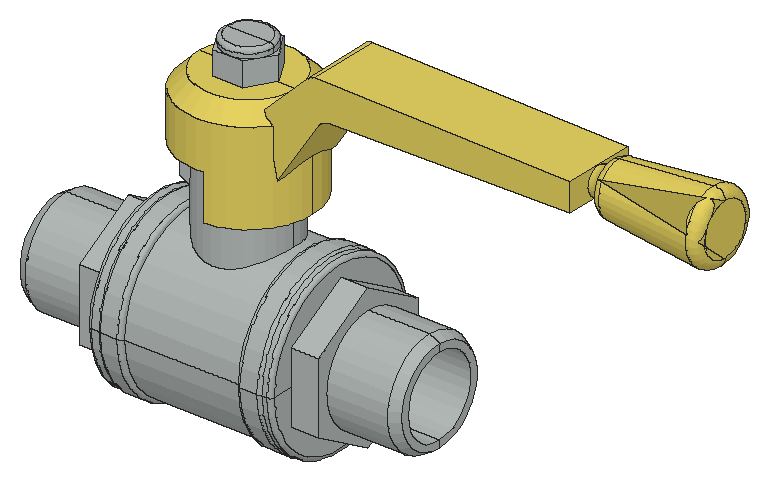
Revit family "QP02700000", category Apparecchi idraulici, Revit 2020
Family settings
  Quota connettore circolare = Usa diametro
  Tipo di parte = Normale
  Numero OmniClass = 23.45.00.00
  Titolo OmniClass = Sanitary, Laundry, and Cleaning Equipment
  Basato su piano di lavoro = No
  Sempre verticale = Sì
  Taglio con vuoti quando caricato = No
  Condiviso = No
  Punto di calcolo locali = No
Parameters
  URL = "https://web.cimberio.com/index.php/figura/171?subcategoria_id=95698"
  Temperatura di esercizio = "-20 ÷ 60°C"
  Prospetto di default = 0 mm
  Produttore = "CIMBERIO SPA"
  Pressione nominale = "MOP 5"
  Modello = "Cim 202G"
  Materiale = "Prodotto in lega di ottone conforme alla norma EN 12165-CW617N-DW"
  Descrizione = "Utilizzato nell’impiantistica distributiva di gas a bassa pressione per le categorie:\r\nGas naturali: gas derivati dal petrolio (Metano) e gas di ricambio.\r\nGas di città: prodotti secondo i diversi procedimenti (Cracking - Cokerie - ecc.).\r\nGas liquidi: propano e miscele di gas propano/butano"
  DN Model [instance] = QP02701020 : QP02701020
  DN [instance] = 20 mm
  Commenti sul tipo = "Realizzato in ottemperanza ai requisiti gestionali della norma EN ISO 9001.\r\nCollaudato al 100% secondo la normativa EN 12266-1"
Reference planes
  plane 1 "Centro (Fronte/Retro)": y = 0
  plane 2: z = 0
  plane 3 "Centro (Sinistra/Destra)": x = 0
Dimensions and locks
  aligned and locked: level to plane 2
Nested families
  nested 1: "QP02701020" at (0, 0, 0), type <- "DN Model", type "QP02701020"
  nested 2: "QP02701020" at (0, 0, 0), type <- "DN Model", type "QP02701020"
  nested 3: "QP02701020" at (0, 0, 0), type <- "DN Model", type "QP02701020"
  nested 4: "QP02701020" at (0, 0, 0), type <- "DN Model", type "QP02701020"
  nested 5: "QP02701020" at (0, 0, 0), type <- "DN Model", type "QP02701020"
  nested 6: "QP02701020" at (0, 0, 0), type <- "DN Model", type "QP02701020"
  nested 7: "QP02701020" at (0, 0, 0), type <- "DN Model", type "QP02701020"
  nested 8: "QP02701020" at (0, 0, 0), type <- "DN Model", type "QP02701020"
Connectors
  piping at (30.1, 0, -1.457), diameter 20, driven by "DN"
    settings: on nested 1, index 1, connector inside diameter 609.6 mm, connector length 0 mm, flow factor 0, pipe flow 0.0 L/s, pressure drop 0.0 Pa, fitting loss kfactor 0, connector angle 0.00°, fixture units 0, engagement length 0 mm, angle of deflection 0.00°, flow configuration 0, flow direction 0, fitting loss method 0, system type 7, joint type 0, gender type 0, connector reference index -1, connector utility 0, adjustable connector no, is connector primary yes, connector description ""
  piping at (-30.1, 0, -1.457), diameter 20, driven by "DN"
    settings: on nested 1, index 2, connector inside diameter 609.6 mm, connector length 0 mm, flow factor 0, pipe flow 0.0 L/s, pressure drop 0.0 Pa, fitting loss kfactor 0, connector angle 0.00°, fixture units 0, engagement length 0 mm, angle of deflection 0.00°, flow configuration 0, flow direction 0, fitting loss method 0, system type 7, joint type 0, gender type 0, connector reference index -1, connector utility 0, adjustable connector no, is connector primary no, connector description ""
Definition of nested family "QP02701020"
  Parameters (values of type "QP02701020")
    Default Elevation = 0 mm
  Reference planes
    plane 1 "Centro (Fronte/Retro)": y = 0
    plane 2: z = 0
    plane 3 "Centro (Sinistra/Destra)": x = 0
  Forms (mm)
    Extrusion 1, solid
      sketch origin (-1.996, 0, 4.955) x (1, 0, 0) y (0, 0, 1)
        loop
          line (-14.004, 28.388) -> (-14.004, 21.625) -> (-11, 19.89) -> (-11, 9.005) -> (-5.604, 9.005) -> (-5.604, 28.388) -> (-14.004, 28.388)
      from 0 to 1.497
    Extrusion 2, solid
      sketch origin (0, 0, 49.8) x (0, 1, 0) y (-1, 0, 0)
        loop
          line (0, -7.499) -> (6.495, -3.75) -> (6.495, 3.75) -> (0, 7.499) -> (-6.495, 3.75) -> (-6.495, -3.75) -> (0, -7.499)
      from 5.543 to 11.543
    Revolve 3, solid
      sketch origin (0, 0, -1.455) x (0, 1, 0) y (-1, 0, 0)
        loop
          line (12.607, 23.1) -> (12.607, -23.1) -> (20.75, -23.1)
          arc (20.75, -23.1) -> (21.457, -22.807) -> (21.75, -22.1) r 1
          line (21.75, -22.1) -> (21.75, -20.735) -> (22, -19.802) -> (22, -15.5)
          arc (22, -15.5) -> (21.707, -14.793) -> (21, -14.5) r 1
          line (21, -14.5) -> (21, 14.5)
          arc (21, 14.5) -> (21.707, 14.793) -> (22, 15.5) r 1
          line (22, 15.5) -> (22, 19.654) -> (21.75, 20.424) -> (21.75, 22.1)
          arc (21.75, 22.1) -> (21.457, 22.807) -> (20.75, 23.1) r 1
          line (20.75, 23.1) -> (12.607, 23.1)
        axis (0, 23.1) -> (0, -23.1)
      angle from 0 to 360
    Revolve 4, solid
      sketch origin (0, 0, 0) x (1, 0, 0) y (0, 0, 1)
        loop
          line (0, 55.343) -> (-12.25, 55.343) -> (-16.25, 51.343) -> (-16.25, 28.343) -> (-10.467, 28.343) -> (-10.467, 45.453) -> (0, 45.453) -> (0, 55.343)
        axis (0, 28.343) -> (0, 55.343)
      angle from 0 to 360
    Extrusion 5, void
      sketch origin (0, 0, 61.343) x (-1, 0, 0) y (0, 1, 0)
        loop
          line (16.068, 0) -> (10.467, 0)
          arc (10.467, 0) -> (6.812, -7.947) -> (-1.6, -10.344) r 10.467
          line (-1.6, -10.344) -> (-1.6, -18.331)
          arc (-1.6, -18.331) -> (13.093, -14.813) -> (16.068, 0) r 14.025
      from 21.5 to 35.795
    Revolve 6, solid
      sketch origin (0, 0, 0) x (1, 0, 0) y (0, 0, 1)
        loop
          line (0, 15.276) -> (11.5, 15.276) -> (11.5, 41.593) -> (0, 41.593) -> (0, 15.276)
        axis (0, 41.593) -> (0, 15.276)
      angle from 0 to 360
    Revolve 7, solid
      sketch origin (0, 0, 0) x (1, 0, 0) y (0, 0, 1)
        loop
          line (0, 63.343) -> (0, 60.363) -> (6.25, 60.363) -> (6.25, 62.343)
          arc (6.25, 62.343) -> (5.957, 63.05) -> (5.25, 63.343) r 1
          line (5.25, 63.343) -> (0, 63.343)
        axis (0, 63.343) -> (0, 60.363)
      angle from 0 to 360
    Extrusion 8, solid
      sketch origin (0, 0, 0) x (1, 0, 0) y (0, 0, 1)
        loop
          line (11.393, 54.236) -> (14.605, 39.296) -> (25.275, 55.726)
          arc (25.275, 55.726) -> (26.161, 56.552) -> (27.331, 56.864) r 2.5
          line (27.331, 56.864) -> (88.127, 57.843) -> (88.127, 64.843) -> (24.058, 65.827)
          arc (24.058, 65.827) -> (23.079, 65.643) -> (22.25, 65.093) r 2.5
          line (22.25, 65.093) -> (11.393, 54.236)
      from -9.146 to 9.146
    Revolve 9, solid
      sketch origin (0, 0, 0) x (1, 0, 0) y (0, 0, 1)
        loop
          line (120, 61.343) -> (120, 67.855)
          arc (120, 67.855) -> (119.178, 69.708) -> (117.254, 70.343) r 2.5
          line (117.254, 70.343) -> (93.442, 67.986)
          arc (93.442, 67.986) -> (92.279, 67.563) -> (91.461, 66.635) r 2.5
          arc (91.461, 66.635) -> (89.999, 65.358) -> (88.127, 64.843) r 4.357
          line (88.127, 64.843) -> (88.127, 61.343) -> (120, 61.343)
        axis (120, 61.343) -> (88.127, 61.343)
      angle from 0 to 360
    Extrusion 10, solid
      sketch origin (16, 0, -1.457) x (0, 0, 1) y (0, -1, 0)
        loop
          circle (0, 0) r 10
        loop
          line (18, 0) -> (9, 15.588) -> (-9, 15.588) -> (-18, 0) -> (-9, -15.588) -> (9, -15.588) -> (18, 0)
      from 7.1 to 14.1
    Revolve 11, solid
      sketch origin (0, 0, 0) x (1, 0, 0) y (0, 0, 1)
        loop
          line (30.1, 11.718) -> (30.1, 8.543) -> (48.1, 8.543) -> (48.1, 10.275) -> (45.666, 11.718) -> (30.1, 11.718)
        axis (48.1, -1.457) -> (30.1, -1.457)
      angle from 0 to 360
    Extrusion 12, solid
      sketch origin (-16, 0, -1.457) x (0, 0, 1) y (0, 1, 0)
        loop
          circle (0, 0) r 10
        loop
          line (18, 0) -> (9, 15.588) -> (-9, 15.588) -> (-18, 0) -> (-9, -15.588) -> (9, -15.588) -> (18, 0)
      from 7.1 to 14.1
    Revolve 13, solid
      sketch origin (0, 0, 0) x (-1, 0, 0) y (0, 0, 1)
        loop
          line (30.1, 11.718) -> (30.1, 8.543) -> (48.1, 8.543) -> (48.1, 10.275) -> (45.666, 11.718) -> (30.1, 11.718)
        axis (48.1, -1.457) -> (30.1, -1.457)
      angle from 0 to 360
  Cuts and joins
    joined: Extrusion 1, Revolve 3
    Extrusion 5 cuts Revolve 4
  Dimensions and locks
    aligned and locked: level to plane 2
